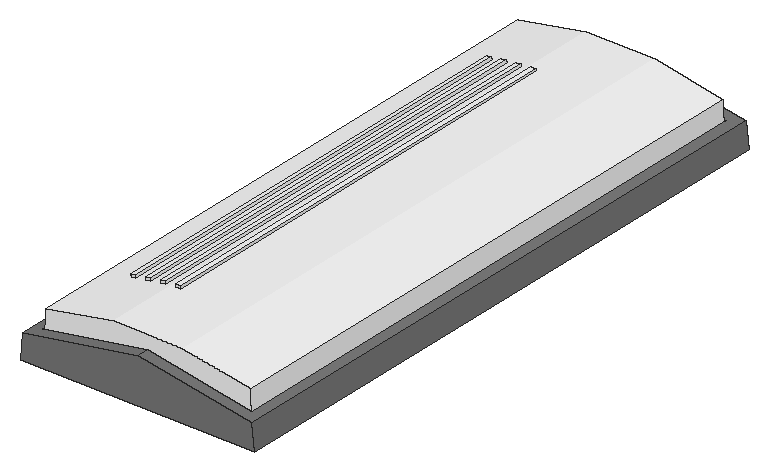
Revit family "JC KONTAKTER JCK203 FI", category Specialty Equipment, host Face, Revit 2025
Family settings
  Host = Face
  Round Connector Dimension = Use Diameter
  Part Type = Normal
  Enable Cutting in Views = Yes
  Cut with Voids When Loaded = No
  Maintain Annotation Orientation = Yes
  Shared = No
  Room Calculation Point = No
Parameters (values of type "JCK203")
  Valmistusmaa = "Ruotsi"
  URL = "https://www.jckontakter.fi/produkt/kyynarkytkin/kyynarkytkin-muovi/kyynarkytkin-jck203/"
  Tuotteen paino = "0.230 kg"
  Tekniken tuotekortti = "https://www.jckontakter.fi/wp-content/uploads/sites/4/Tekninen-tuotekortti_JCK203_FI-1.pdf"
  Pienin nimellisvirta = "12V Resistiivinen 6A Induktiivinen L/R 5ms 6A, 24V Resistiivinen 6A Induktiivinen L/R 5ms 5A"
  Nimellisestä nimellisvirrasta = "1mA/4 V DC"
  Model = "JCK203"
  Mikrokytkin = "Standar NO IP67"
  Mikrokytkimien määrä = 1
  Manufacturer = "JC Kontakter"
  Kansi = ABS 750SW (Valkoinen)
  Description = "Tämä kyynärkytkin on valmistettu iskunkestävästä ABS-muovista. Siinä on kupera kosketuspinta, jossa on kosketusviivat, jotka osoittavat, missä painiketta tulee painaa. Tämä malli tarjoaa vahvan värikontrastin valkoisen kosketuspinnan ja tummanharmaan kehyksen kanssa. Suunniteltu ensisijaisesti sisäkäyttöön, mutta voidaan käyttää myös ulkona, koska se on varustettu kosteudenkestävällä mikrokytkimellä, jonka IP-luokka on 67."
  Default Elevation = 800 mm
  Kotelo = ABS 750SW (Tumman harmaa)
  CE asiakirja = "https://jckontakter.se/wp-content/uploads/CE_Dokument.pdf"
Reference planes
  plane 1 "Center (Front/Back)": y = 0
  plane 2: z = 0
  plane 3 "Center (Left/Right)": x = 0
  plane 4 "A": y = -122.5
Lines and regions (mm)
  symbolic lines
    curve 1: line (-50, 0, 50) -> (50, 0, 50)
    curve 2: line (-50, 0, 0) -> (-50, 0, 50)
    curve 3: line (50, 0, 0) -> (-50, 0, 0)
    curve 4: line (50, 0, 50) -> (50, 0, 0)
    curve 5: line (-40, 117.5, 0) -> (40, 117.5, 0)
    curve 6: line (-40, -122.5, 0) -> (-40, 117.5, 0)
    curve 7: line (40, -122.5, 0) -> (-40, -122.5, 0)
    curve 8: line (40, 117.5, 0) -> (40, -122.5, 0)
Text (mm)
  text "Poista tämä tunniste ennen käyttöä.\n\nSijoitusohjeet:\n\n1. Lataa projektiin.\n2. Vie kursori sen pinnan päälle, johon perhe tullaan sijoittamaan.\n3. Jos perhe näkyy kiertyneenä, valitse asetus \"kierrä sijoittamisen jälkeen\".\n4. Napsauta haluttua pintaa.\n5. Kirjoita haluttu kulma.\n6. Paina Enter." at (123.173, 1072.34, 0), in view "Ref. Level"
Dimensions and locks
  aligned and locked: plane 2 to host face
  aligned and locked: level to host face
Nested families
  nested 1: "AK_203" at (0, -122.5, 0) x (1, 0, 0) z (0, 1, 0), type "AK_203"
Definition of nested family "AK_203"
  Parameters (values of type "AK_203")
    URL = "https://jckontakter.se/produkt/armbagskontakter-plast/armbagskontakt-jck203/"
    Model = "JCK203"  # constant formula
    Manufacturer = "JC Kontakter"  # constant formula
    Lid Finish = none
    Default Elevation = 1219.2 mm
    Core Finish = none
    Description = "JCK203 är en tålig armbågskontakt med konvex tryckplatta och taktila rillor som standard. Rillorna underlättar för synsvaga att veta var de ska trycka för att aktivera armbågskontakten.\r\nModellen har vitt lock och en kontrasterande mörkgrå underdel.\r\nJCK203 levereras med 1st mikrobrytare i IP67, men går även att beställa med fler."  # constant formula
  Reference planes
    plane 1 "Center (Front/Back)": y = 0
    plane 2: z = 0
    plane 3 "Center (Left/Right)": x = 0
    plane 4 "1": x = 47.5
    plane 5 "A": z = 5
    plane 6 "B": z = 245
  Forms (mm)
    Extrusion 1, solid, material <- "Core Finish", detail levels medium+fine
      sketch origin (0, 0, 0) x (1, 0, 0) y (0, 1, 0)
        loop
          line (-47.5, 0) -> (-46.5, -10) -> (0, -18) -> (46.5, -10) -> (47.5, 0) -> (-47.5, 0)
      from 0 to 250
    Extrusion 2, void
      sketch origin (0, 0, 0) x (1, 0, 0) y (0, 1, 0)
        loop
          line (-42.5, -4) -> (-42.5, -18.223) -> (42.5, -18.223) -> (42.5, -4) -> (-42.5, -4)
      from 5 to 245
    Extrusion 3, solid, material <- "Lid Finish", detail levels medium+fine
      sketch origin (0, 0, 5) x (-1, 0, 0) y (0, -1, 0)
        loop
          line (-42, 6) -> (42, 6) -> (41.5, 18.145)
          arc (41.5, 18.145) -> (0, 24) -> (-41.5, 18.145) r 150
          line (-41.5, 18.145) -> (-42, 6)
      from 0.5 to 239.5
    Extrusion 4, solid, material <- "Lid Finish", detail levels medium+fine
      sketch origin (0, 0, 5) x (-1, 0, 0) y (0, -1, 0)
        loop
          line (30.48, 20.761) -> (30.656, 21.746) -> (28.687, 22.097) -> (28.511, 21.112) -> (30.48, 20.761)
        loop
          line (24.5, 21.866) -> (24.634, 22.857) -> (22.652, 23.126) -> (22.518, 22.135) -> (24.5, 21.866)
        loop
          line (18.504, 22.704) -> (18.644, 23.694) -> (16.664, 23.975) -> (16.524, 22.985) -> (18.504, 22.704)
        loop
          line (12.5, 23.393) -> (12.5, 24.393) -> (10.5, 24.393) -> (10.5, 23.393) -> (12.5, 23.393)
      from 30 to 210
  Cuts and joins
    Extrusion 2 cuts Extrusion 1
  Dimensions and locks
    aligned and locked: level to plane 2
